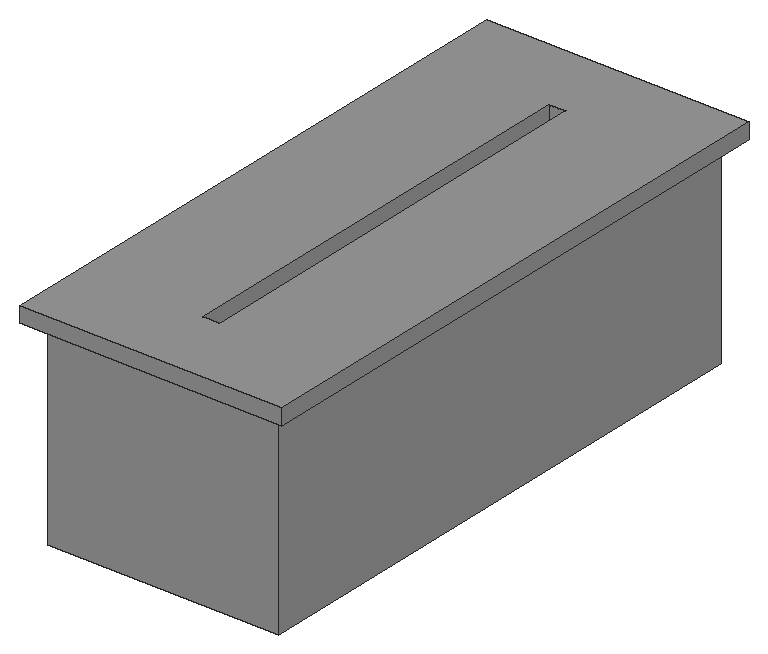
Revit family "4068732 Sylvania Lighting Fixture RAY RECTANGLE1 14LM BLADE LED 4K AL", category Lighting Fixtures, host Face, Revit 2016
Family settings
  Host = Face
  Part Type = Normal
  Round Connector Dimension = Use Diameter
  OmniClass Number = 23.80.70.00
  OmniClass Title = Lighting
  Cut with Voids When Loaded = No
  Light Source = Yes
  Shared = No
  Room Calculation Point = No
Parameters (values of type "4068732 RAY/RECT1 14LM BLADE LED 4K AL")
  Width_SYL = if(Square_SYL, 100 mm, 85 mm)  # 85 mm
  Weight = "0.8 kg"
  Wattage Comments = "n/a"
  Wattage = 4 W
  WarrantyStartDate [instance] = "n/a"
  WarrantyGuarantorParts = "n/a"
  WarrantyDurationUnit = "n/a"
  WarrantyDurationParts = "n/a"
  WarrantyDescription = "n/a"
  built-in parameter 1150110 = 1 (stored number, unit not read)
  Voltage = 0 V
  URL = "http://www.sylvania-lighting.com"
  TypeName = "RAY/RECTANGLE1 14LM BLADE LED 4K AL"
  Type Image = <None>
  Type Comments = "n/a"
  built-in parameter 1114217 = 1 (stored number, unit not read)
  Tilt Angle = -90.00°
  built-in parameter 1150109 = 1 (stored number, unit not read)
  built-in parameter 1150134 = 12
  built-in parameter 1150113 = 1 (stored number, unit not read)
  Square_SYL = no
  SlotWidth_SYL = if(Square_SYL, 5.8 mm, 5.5 mm)  # 5.5 mm
  SlotStartHeight_SYL = if(Square_SYL, 18.5 mm, 24.5 mm)  # 24.5 mm
  SlotHeight_SYL = if(Square_SYL, 39 mm, 141 mm)  # 141 mm
  SerialNumber [instance] = "n/a"
  RecessDepth_SYL = 65 mm
  PowerFactor = 0
  PowerConsumption = "4 W"
  Photometric Web File = "4068732.ies"
  NominalWidth = 0 mm
  NominalLength = 190 mm
  NominalHeight = 65 mm
  Name = "RAY/RECTANGLE1 14LM BLADE LED 4K AL"
  ModelReference = "RAY/RECTANGLE1 14LM BLADE LED 4K AL"
  ModelNumber = "4068732"
  Material_3_SYL = none
  Model = "RAY/RECTANGLE1 14LM BLADE LED 4K AL"
  Material = "die-cast aluminum housing, safety tempered glass diffuser"
  ManufacturerName = "Feilo Sylvania"
  Manufacturer = "Feilo Sylvania"
  LuminousEfficacy = "3.5 lm/W"
  built-in parameter 1150105 = 69.255 (stored number, unit not read)
  Lumens = 14 lm
  LuminaireType = ""
  built-in parameter 1150115 = 1 (stored number, unit not read)
  LightSourceYOffset_SYL = if(Square_SYL, 12 mm, 0 mm)  # 0 mm
  LightOutputRatio = "100"
  built-in parameter 1150137 = (empty or 0)
  built-in parameter 1150139 = (empty or 0)
  LampsType = Lamp  # "LED"
  LampNominalLuminous = "14 lm"
  LampMacAdamStep = "n/a"
  LampColourTemperature = "4000 K"
  LampColourRenderingIndex = "80"
  built-in parameter 1150112 = 1 (stored number, unit not read)
  built-in parameter 1150114 = 1 (stored number, unit not read)
  Lamp = "LED"
  Keynote = "16500"
  Material_2_SYL = LED-Sylvania
  InstallationDate [instance] = "n/a"
  InputVoltage = "n/a"
  InputNominalFrequency = "n/a"
  built-in parameter 1150132 = (empty or 0)
  built-in parameter 1150102 = (empty or 0)
  built-in parameter 1150107 = 4000 (stored number, unit not read)
  built-in parameter 1150138 = (empty or 0)
  IngressProtection = "IP65"
  ImpactProtectionIndex = "IK08"
  built-in parameter 1150106 = 0.69255 (stored number, unit not read)
  IfcExportType = "IfcLightFixtureType"
  IfcExportAs = "IfcLightFixtureType"
  Height_SYL = if(Square_SYL, 100 mm, 190 mm)  # 190 mm
  ExpectedLife = 50000
  Emit from Rectangle Width = if(Square_SYL, 5.8 mm, 5.5 mm)  # 5.5 mm
  Emit from Rectangle Length = if(Square_SYL, 39 mm, 141 mm)  # 141 mm
  Emit Shape Visible in Rendering = no
  ElectricShockClassification = "Class II"
  built-in parameter 1150104 = 0.32516 (stored number, unit not read)
  DurationUnit = "hours"
  DocumentationLiterature = "http://www.sylvania-lighting.com/product/en-int/products/4068732"
  DimmingControlOptions = "n/a"
  Dimming Lamp Color Temperature Shift = <None>
  Description = "Rectangular recessed wall luminairedie-cast aluminum, 114lm, 4W, 3lm/W, 4000K, CRI80+, asymmetric, non dimmable, IP65, IK08, (HxWxD) 190x190x65mm, 3 step MacAdam ellipse, Class II, 220-240V, A++ A+ A"
  Default Elevation = 1219.2 mm
  CreatedOn = "10/2/2018"
  CreatedBy = "@sylvania-lighting.com"
  Cost = 0
  Color Filter = 16777215
  built-in parameter 1114216 [instance] = (empty or 0)
  Material_1_SYL = Aluminum 7175 T73 0 Hot Formed
  BarCode [instance] = "n/a"
  built-in parameter 1114218 = 1 (stored number, unit not read)
  built-in parameter 1150133 = 10 (stored number, unit not read)
  AssetType = "Fixed"
  AssetIdentifier [instance] = "n/a"
  Assembly Code = "D5020200"
  Apparent Load = 4 VA
  Material_4_SYL = none
Reference planes
  plane 1 "Center (Front/Back)": y = 0
  plane 2: z = 0
  plane 3 "Center (Left/Right)": x = 0
  plane 4: x = -42.5
  plane 5: x = 42.5
  plane 6: y = 95
  plane 7: y = -95
  plane 8: z = 5
  plane 9: z = -65
  plane 10: x = -37.5
  plane 11: y = 90
  plane 12: x = 37.5
  plane 13: y = -90
  plane 14: x = 2.75
  plane 15: x = -2.75
  plane 16: y = 70.5
  plane 17: y = -70.5
  plane 18: z = -7
  plane 19: y = -60.5
Forms (mm)
  Extrusion 1, void
    sketch origin (0, 0, 0) x (1, 0, 0) y (0, 1, 0)
      loop
        line (-37.5, 90) -> (-37.5, -90) -> (37.5, -90) -> (37.5, 90) -> (-37.5, 90)
    from 0 to -65
  Extrusion 2, solid, material "Aluminum 7175 T73 0 Hot Formed" <- "Material_1_SYL"
    sketch origin (0, 0, 0) x (1, 0, 0) y (0, 1, 0)
      loop
        line (-42.5, 95) -> (-42.5, -95) -> (42.5, -95) -> (42.5, 95) -> (-42.5, 95)
    from 0 to 5
  Extrusion 3, solid, material "Aluminum 7175 T73 0 Hot Formed" <- "Material_1_SYL"
    sketch origin (0, 0, 0) x (1, 0, 0) y (0, 1, 0)
      loop
        line (-37.5, 90) -> (-37.5, -90) -> (37.5, -90) -> (37.5, 90) -> (-37.5, 90)
    from 0 to -65
  Blend 4, void
    base sketch origin (0, 0, 0) x (1, 0, 0) y (0, 1, 0)
      loop
        line (-2.75, 70.5) -> (-2.75, -70.5) -> (2.75, -70.5) -> (2.75, 70.5) -> (-2.75, 70.5)
    top sketch origin (0, 0, 0) x (1, 0, 0) y (0, 1, 0)
      loop
        line (2.75, -60.5) -> (2.75, 70.5) -> (-2.75, 70.5) -> (-2.75, -60.5) -> (2.75, -60.5)
    from 5 to -7
Cuts and joins
  Blend 4 cuts Extrusion 2
  Blend 4 cuts Extrusion 3
  joined: Extrusion 2, Extrusion 3
Lines and regions (mm)
  reference lines
    curve 1: line (-21.196, 0, 0) -> (21.478, 0, 0)
Dimensions and locks
  equal spacing: plane 4, plane 3 "Center (Left/Right)", plane 5
  "Width_SYL": plane 4 to plane 5
  equal spacing: plane 7, plane 1 "Center (Front/Back)", plane 6
  "Height_SYL": plane 7 to plane 6
  equal spacing: plane 10, plane 3 "Center (Left/Right)", plane 12
  equal spacing: plane 13, plane 1 "Center (Front/Back)", plane 11
  locked: plane 11 to plane 6 at 5
  locked: plane 4 to plane 10 at 5
  locked: plane 8 to plane 2 at 5
  "RecessDepth_SYL": plane 2 to plane 9
  equal spacing: plane 15, plane 3 "Center (Left/Right)", plane 14
  "SlotWidth_SYL": plane 15 to plane 14
  "SlotHeight_SYL": plane 17 to plane 16
  locked: plane 8 to plane 18 at 12
  locked: plane 17 to plane 19 at 10
  "SlotStartHeight_SYL": plane 7 to plane 17
  "LightSourceYOffset_SYL": curve 1 to plane 1 "Center (Front/Back)"
  aligned and locked: plane 2 to host face
  aligned and locked: level to host face
  aligned and locked: plane 11 to Extrusion 1 sketch curve
  aligned and locked: plane 10 to Extrusion 1 sketch curve
  aligned and locked: Extrusion 1 sketch curve to plane 13
  aligned and locked: Extrusion 1 sketch curve to plane 12
  aligned and locked: plane 9 to Extrusion 1
  aligned and locked: level to Extrusion 1
  aligned and locked: plane 6 to Extrusion 2 sketch curve
  aligned and locked: plane 4 to Extrusion 2 sketch curve
  aligned and locked: Extrusion 2 sketch curve to plane 7
  aligned and locked: Extrusion 2 sketch curve to plane 5
  aligned and locked: Extrusion 2 to plane 8
  aligned and locked: Extrusion 2 to level
  aligned and locked: plane 11 to Extrusion 3 sketch curve
  aligned and locked: plane 10 to Extrusion 3 sketch curve
  aligned and locked: Extrusion 3 sketch curve to plane 13
  aligned and locked: Extrusion 3 sketch curve to plane 12
  aligned and locked: plane 9 to Extrusion 3
  aligned and locked: level to Extrusion 3
  aligned and locked: plane 16 to Blend 4 sketch curve
  aligned and locked: plane 15 to Blend 4 sketch curve
  aligned and locked: Blend 4 sketch curve to plane 17
  aligned and locked: Blend 4 sketch curve to plane 14  (x2)
  aligned and locked: Blend 4 sketch curve to plane 19
  aligned and locked: Blend 4 sketch curve to var sketch
  aligned and locked: var sketch to Blend 4 sketch curve
  aligned and locked: plane 18 to Blend 4
  aligned and locked: Blend 4 to plane 8
  aligned and locked: plane 3 "Center (Left/Right)" to imposter light
  aligned and locked: imposter light to plane 8
  aligned and locked: imposter light to curve 1
Automatic sketch dimensions
  host sketch curve to host sketch curve = 2438.4 mm  (x2)
  curve 1 to plane 15 = 18.446 mm
  plane 14 to curve 1 = 18.728 mm
Connectors
  electrical at (0, 0, 0), driven by "Apparent Load"
    settings: index 1, voltage 230 V, apparent load 4 VA, apparent load phase1 0 VA, apparent load phase2 0 VA, apparent load phase3 0 VA, power factor 0, load classification "Lighting", number of poles 1, system type 30, power factor state 1, is connector primary yes, connector utility no, sub classification motor no, connector description ""
